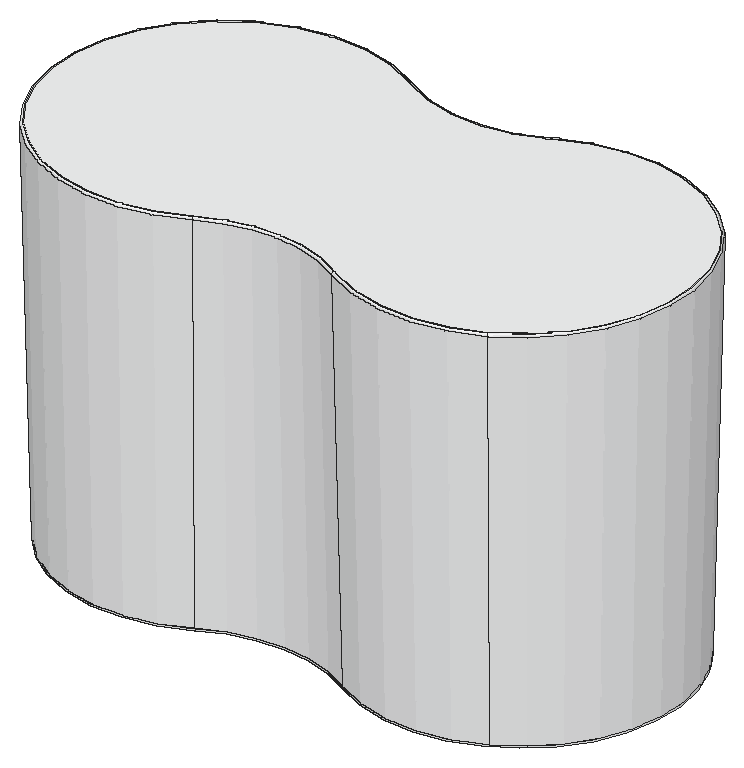
Revit family "INTONO C OUT 3.4", category Lighting Fixtures, host Ceiling, Revit 2020
Family settings
  Host = Ceiling
  Round Connector Dimension = Use Diameter
  Part Type = Normal
  OmniClass Number = 23.80.70.11
  OmniClass Title = Luminaries for Internal Lighting
  Always vertical = Yes
  Cut with Voids When Loaded = No
  Light Source = Yes
  Shared = No
  Room Calculation Point = Yes
Parameters (values of type "INTONO C OUT 3.4 SS 15° (3000K CRI90 20W 230Vac)")
  Wiring = "-"
  Width mm = 85.00 mm
  Weight kg = "1.35 kg"
  Wattage = 11.0676 W
  Vertical rotation max = 0.00°
  URL Technical sheet = "-"
  URL Image = "https://www.lucelight.it/en/prodotto-foto.php/142574"
  URL IES Photometric file = "https://www.lucelight.it/media/prodotti/fotometrie/intono_c_out_3.4_ies.zip"
  URL General code = "https://www.lucelight.it/en/prodotto.php/142574#a-generacodice"
  URL Description = "https://www.lucelight.it/en/capitolato.php/142574"
  URL DXF = "https://www.lucelight.it/media/prodotti/dxf/intono_c_out_3.4.dxf"
  URL Catalogue = "https://www.lucelight.it/media/prodotti/mf_brochure/intono_c_out_brochure_en.pdf"
  URL Accessories and power supply units = "https://www.lucelight.it/en/prodotto.php/142574#a-scheda-accessori"
  URL = "https://www.lucelight.it/en/prodotto.php/142574"
  Trim = L&L_Black glass
  built-in parameter 1150110 = 1 (stored number, unit not read)
  Tilt Angle = 90.00°
  Power supply unit = "built-in"
  Power supply = "230Vac"
  Power cables = "-"
  Power = "20W"
  Photometric Web File = "INTONO C OUT 3.4 SS 15° [3000K CRI90 20W 230Vac].IES"
  Optics = "15°"
  Notes = "Version compatible with Google Home or Amazon Echo available on request for voice command control"
  No. and type of led = "2 high power density COB LEDs, 2-step MacAdam, 50 000h L95 B10 (Ta 25°C)"
  Mounting = "surface mounted (ceiling)"
  Model = "Intono C OUT 3.4"
  Material = "Body in die-cast aluminium, screen in black-serigraphed, tempered, transparent extra-clear glass"
  Manufacturer = "L&L Luce&Light"
  Lumen output at source = "1644 lm (3000K, CRI 90), 1976 lm (3000K, CRI 80)"
  Lens = L&L_Tempered extra-clear glass
  built-in parameter 1114217 = 1 (stored number, unit not read)
  built-in parameter 1150109 = 1 (stored number, unit not read)
  built-in parameter 1150134 = (empty or 0)
  built-in parameter 1150113 = 1 (stored number, unit not read)
  Lumens = 1644 lm
  built-in parameter 1150115 = 1 (stored number, unit not read)
  built-in parameter 1150105 = 12254.5 (stored number, unit not read)
  built-in parameter 1150137 = (empty or 0)
  built-in parameter 1150139 = (empty or 0)
  Length mm = 160.00 mm
  built-in parameter 1150112 = 1 (stored number, unit not read)
  built-in parameter 1150114 = 1 (stored number, unit not read)
  LED Colour = "2700K, 3000K, 4000K"
  built-in parameter 1150132 = 2
  built-in parameter 1150102 = (empty or 0)
  built-in parameter 1150138 = (empty or 0)
  built-in parameter 1150107 = 3000 (stored number, unit not read)
  built-in parameter 1150106 = 122.55 (stored number, unit not read)
  IP = "IP65"
  Horizontal rotation max = 0.00°
  Height mm = 100.00 mm
  Features = "easy installation thanks to 4-point magnetic fastener"
  Energy efficiency class = "A A+ A++"
  Emit from Line Length = 609.60 mm
  built-in parameter 1150104 = 13.8 (stored number, unit not read)
  Dimming Lamp Color Temperature Shift = <None>
  Description = "Ceiling mounted for outdoor applications"
  Delivered lumen output = "1392 lm (3000K, 15°, CRI 90), 1674 lm (3000K, 15°, CRI 80)"
  Default Elevation = 0.00 mm
  Cutout dimensions = "-"
  Control system = "0/1-10V, ON/OFF, DALI"
  Contact = "T: +39 0444 360571; E: lucelight@lucelight.it"
  Company = "L&L Luce&Light"
  Color Filter = 16777215
  Code = "-"
  CRI = "CRI 80; CRI >90"
  built-in parameter 1114218 = 1 (stored number, unit not read)
  Body = L&L _Aluminium low copper
  built-in parameter 1150133 = 10 (stored number, unit not read)
Types (5, lengths in mm): name | Photometric Web File | Optics
  (no name) | "INTONO C OUT 3.4 SS 15° [3000K CRI90 20W 230Vac].IES" | "15°"
  INTONO C OUT 3.4 SS 15° (3000K CRI90 20W 230Vac) | "INTONO C OUT 3.4 SS 15° [3000K CRI90 20W 230Vac].IES" | "15°"
  INTONO C OUT 3.4 MM 20° (3000K CRI90 20W 230Vac) | "INTONO C OUT 3.4 MM 20° [3000K CRI90 20W 230Vac].IES" | "20°"
  INTONO C OUT 3.4 LL 43° (3000K CRI90 20W 230Vac) | "INTONO C OUT 3.4 LL 43° [3000K CRI90 20W 230Vac].IES" | "43°"
  INTONO C OUT 3.4 AA (3000K CRI90 20W 230Vac) | "INTONO C OUT 3.4 AA [3000K CRI90 20W 230Vac].IES" | "asymmetrical"
Reference planes
  plane 1 "Light Source Axis (F/B)": y = 0
  plane 2 "Ceiling": z = 2438.4
  plane 3 "Light Source Axis (L/R)": x = 0
  plane 4 "Light Source Elevation": z = 2336.8
Dimensions and locks
  equal spacing: host sketch curve, plane 3 "Light Source Axis (L/R)", host sketch curve
  equal spacing: host sketch curve, plane 1 "Light Source Axis (F/B)", host sketch curve
  host sketch curve to host sketch curve = 3048.00 mm  (x2)
  aligned and locked: plane 3 "Light Source Axis (L/R)" to imposter light
  aligned and locked: plane 1 "Light Source Axis (F/B)" to imposter light
  aligned and locked: plane 4 "Light Source Elevation" to imposter light
Nested families
  nested 1: "INTONO C OUT 3.4_mod" at (0, 0, 2438.4), type "INTONO C OUT 3.4_mod"
Definition of nested family "INTONO C OUT 3.4_mod"
  Parameters (values of type "INTONO C OUT 3.4_mod")
    Trim = none
    Lens = none
    Default Elevation = 1219.20 mm
    Body = none
  Reference planes
    plane 1 "Light Source Axis (F/B)": y = 0
    plane 2: z = 0
    plane 3 "Light Source Axis (L/R)": x = 0
    plane 4 "Light Source Elevation": z = 0
    plane 5: z = 82.5
    plane 6: x = -51.427
    plane 7: x = 51.427
    plane 8: x = 50.013
    plane 9: x = -50.013
    plane 10: z = -100.7
  Forms (mm)
    Sweep 1, solid, material <- "Body", detail levels medium+fine
      path origin (0, 0, 0) x (0, 1, 0) y (-1, 0, 0)
        loop
          arc (36.903, 18.694) -> (42.611, 39.724) -> (37.176, 60.827) r 42.612
          arc (37.176, 60.827) -> (-21.067, 77.04) -> (-36.903, 18.694) r 42.612
          arc (-36.903, 18.694) -> (-31.894, 0) -> (-36.903, -18.694) r 37.388
          arc (-36.903, -18.694) -> (-42.611, -39.724) -> (-37.176, -60.827) r 42.612
          arc (-37.176, -60.827) -> (21.067, -77.04) -> (36.903, -18.694) r 42.612
          arc (36.903, -18.694) -> (31.894, 0) -> (36.903, 18.694) r 37.388
      profile origin (-39.724, 42.611, 0) x (-0.006469, -0.999979, 0) y (0, 0, 1)
        loop
          line (0, -0.593) -> (2.488, -100.2) -> (5.058, -100.2) -> (0.566, -0.001)
          arc (0.566, -0.001) -> (0.164, -0.183) -> (0, -0.593) r 0.593
    Extrusion 2, solid, material <- "Body", detail levels coarse
      sketch origin (67.536, 184.895, -80.493) x (0, 1, 0) y (-1, 0, 0)
        loop
          arc (-147.719, 128.363) -> (-205.962, 144.577) -> (-221.798, 86.23) r 42.612
          arc (-221.798, 86.23) -> (-216.789, 67.536) -> (-221.798, 48.842) r 37.388
          arc (-221.798, 48.842) -> (-227.506, 27.812) -> (-222.071, 6.71) r 42.612
          arc (-222.071, 6.71) -> (-163.828, -9.504) -> (-147.992, 48.842) r 42.612
          arc (-147.992, 48.842) -> (-153.001, 67.536) -> (-147.992, 86.23) r 37.388
          arc (-147.992, 86.23) -> (-142.284, 107.261) -> (-147.719, 128.363) r 42.612
      from -20.207 to 80.493
    Extrusion 3, solid, material <- "Body", detail levels medium+fine
      sketch origin (0, 0, -2) x (0, 1, 0) y (-1, 0, 0)
        loop
          arc (36.413, 18.977) -> (42.045, 39.728) -> (36.682, 60.55) r 42.046
          arc (36.682, 60.55) -> (-20.787, 76.548) -> (-36.413, 18.977) r 42.046
          arc (-36.413, 18.977) -> (-31.328, 0) -> (-36.413, -18.977) r 37.954
          arc (-36.413, -18.977) -> (-42.045, -39.728) -> (-36.682, -60.55) r 42.046
          arc (-36.682, -60.55) -> (20.787, -76.548) -> (36.413, -18.977) r 42.046
          arc (36.413, -18.977) -> (31.328, 0) -> (36.413, 18.977) r 37.954
      from 0 to 2
    Extrusion 4, solid, material <- "Body", detail levels medium+fine
      sketch origin (-25, 0, -100.2) x (0.879138, 0.476568, 0) y (0.476568, -0.879138, 0)
        loop
          arc (90.792, 9.061) -> (78.606, 64.917) -> (22.919, 51.982) r 40.156
          arc (22.919, 51.982) -> (7.949, 37.795) -> (-12.109, 32.993) r 39.844
          arc (-12.109, 32.993) -> (-31.849, 28.408) -> (-46.836, 14.767) r 40.156
          arc (-46.836, 14.767) -> (-34.649, -41.088) -> (21.038, -28.153) r 40.156
          arc (21.038, -28.153) -> (36.008, -13.966) -> (56.066, -9.165) r 39.844
          arc (56.066, -9.165) -> (75.805, -4.58) -> (90.792, 9.061) r 40.156
        loop
          circle (57.144, 30.977) r 36.141
        loop
          circle (-13.187, -7.149) r 36.141
      from 0 to 0.5
    Extrusion 5, solid, material <- "Trim", detail levels fine
      sketch origin (-25, 0, -100.2) x (0.879138, 0.476568, 0) y (0.476568, -0.879138, 0)
        loop
          circle (-13.187, -7.149) r 36.141
        loop
          circle (57.144, 30.977) r 36.141
        loop
          circle (57.144, 30.977) r 30
        loop
          circle (-13.187, -7.149) r 30
      from -2.5 to -1.5
    Extrusion 6, solid, material <- "Body", detail levels medium+fine
      sketch origin (-25, 0, -100.2) x (0.879138, 0.476568, 0) y (0.476568, -0.879138, 0)
        loop
          circle (57.144, 30.977) r 36.141
        loop
          circle (-13.187, -7.149) r 36.141
        loop
          circle (57.144, 30.977) r 37.381
        loop
          circle (-13.187, -7.149) r 37.381
      from -2.5 to 0
    Extrusion 7, solid, material <- "Lens", detail levels medium
      sketch origin (-25, 0, -100.2) x (0.879138, 0.476568, 0) y (0.476568, -0.879138, 0)
        loop
          circle (-13.187, -7.149) r 36.141
        loop
          circle (57.144, 30.977) r 36.141
      from -2.5 to -1.5
    Extrusion 8, solid, material <- "Lens", detail levels fine
      sketch origin (-25, 0, -100.2) x (0.879138, 0.476568, 0) y (0.476568, -0.879138, 0)
        loop
          circle (57.144, 30.977) r 30
        loop
          circle (-13.187, -7.149) r 30
      from -2.5 to -1.5
    Extrusion 9, solid, material <- "Lens", detail levels fine
      sketch origin (-25, 0, -81.916) x (0.879138, 0.476568, 0) y (0.476568, -0.879138, 0)
        loop
          circle (-13.187, -7.149) r 25.745
        loop
          circle (57.144, 30.977) r 25.745
      from -2.5 to -1.5
    Sweep 10, solid, material <- "Body", detail levels medium+fine
      path origin (0, 0, 0) x (0, -1, 0) y (1, 0, 0)
        loop
          circle (0, 40) r 40.026
      profile origin (40, 40.026, 0) x (0, -1, 0) y (0, 0, 1)
        loop
          line (1.754, -84.106) -> (4.841, -84.106) -> (14.281, -80.671) -> (14.281, -72.266) -> (1.839, -72.266) -> (1.754, -84.106)
    Sweep 11, solid, material <- "Body", detail levels medium+fine
      path origin (0, 0, 0) x (0, 1, 0) y (-1, 0, 0)
        loop
          circle (0, 40) r 40.026
      profile origin (-40, 40.026, 0) x (0, 1, 0) y (0, 0, 1)
        loop
          line (-1.754, -84.106) -> (-1.839, -72.266) -> (-14.281, -72.266) -> (-14.281, -80.671) -> (-4.841, -84.106) -> (-1.754, -84.106)
  Dimensions and locks
    aligned and locked: level to plane 2
